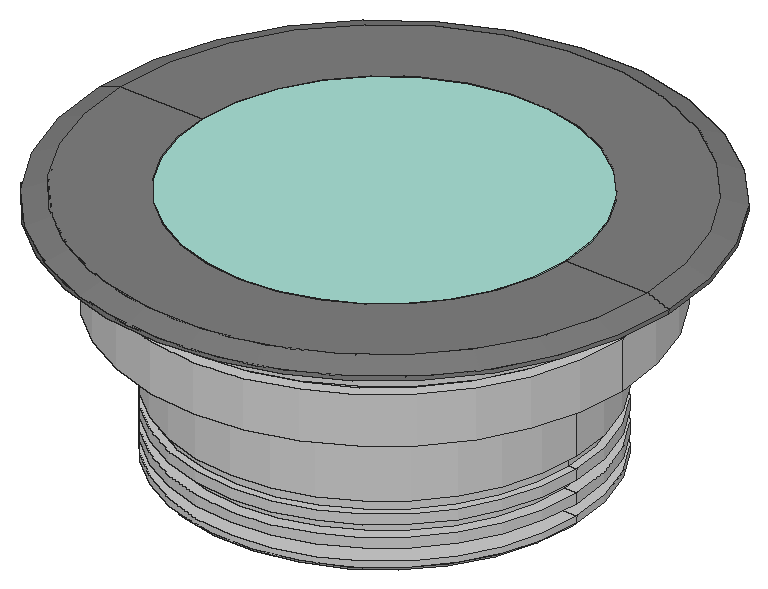
Revit family "Bright 5.F", category Lighting Fixtures, host Face, Revit 2017 (continued)
Types (16, lengths in mm): name | Wattage | Power | Photometric Web File | Optics | built-in parameter 1150142 | built-in parameter 1150105 | Lumens | built-in parameter 1150106 | Apparent Load Phase 1
    0 246.94 225.32 205.44 \r\n189.08 172.89 158.50 146.02 132.81 121.63 111.08 101.42 \r\n93.29 85.07 78.43 71.96 65.83 60.58 55.61 51.22 47.09 \r\n43.06 39.63 36.39 33.37 30.70 28.36 26.05 24.10 22.17 \r\n20.55 18.96 17.59 16.24 14.96 13.79 12.72 11.66 10.71 \r\n9.82 8.92 8.11 7.32 6.59 5.90 5.27 4.63 4.09 3.56 3.06 \r\n2.63 2.20 1.83 1.48 1.18 0.90 0.67 0.48 0.32 0.21 0.13 \r\n0.08 0.05 0.02 0.00 0.00 0.00 0.00 0.00 0.00 0.00 0.00 \r\n0.00 0.00 0.00 0.00 0.00 0.00 0.00 0.00 0.00 0.00 0.00 \r\n0.00 0.00 0.00 0.00 0.00 0.00 0.00 0.00 0.00 0.00 0.00 \r\n0.00 0.00 0.00 0.00 0.00 0.00 0.00 0.00 0.00 0.00 0.00 \r\n0.00 0.00 0.00 0.00 0.00 0.00 0.00 0.00 0.00 0.00 0.00 \r\n0.00 0.00 0.00 0.00 0.00 0.00 0.00 0.00 0.00 0.00 0.00 \r\n0.00 0.00 0.00 0.00 0.00 0.00 0.00 0.00 0.00 0.00 0.00 \r\n0.00 0.00 0.00 0.00 0.00 0.00 0.00 0.00 0.00 0.00 0.00 \r\n0.00 0.00 0.00 0.00 0.00 0.00 \r\n2995.00 2972.26 2912.57 2824.51 2705.99 2570.86 2426.79 \r\n2273.88 2126.31 1972.45 1834.78 1698.74 1562.15 1445.48 \r\n1332.39 1221.87 1124.11 1026.37 939.38 856.31 782.23 \r\n712.27 652.10 596.94 547.70 499.04 457.51 421.49 386.90 \r\n353.24 324.14 294.05 266.09 238.80 211.42 186.60 164.37 \r\n144.50 127.50 113.03 100.98 90.84 81.41 73.75 66.93 60.98 \r\n55.74 50.79 46.44 42.50 38.83 35.52 32.55 29.80 27.37 \r\n25.12 23.15 21.32 19.63 18.11 16.68 15.31 14.07 12.93 \r\n11.79 10.81 9.80 8.93 8.07 7.25 6.45 5.75 5.08 4.48 3.88 \r\n3.35 2.86 2.39 1.98 1.60 1.27 0.98 0.73 0.51 0.34 0.22 \r\n0.14 0.09 0.06 0.02 0.00 0.00 0.00 0.00 0.00 0.00 0.00 \r\n0.00 0.00 0.00 0.00 0.00 0.00 0.00 0.00 0.00 0.00 0.00 \r\n0.00 0.00 0.00 0.00 0.00 0.00 0.00 0.00 0.00 0.00 0.00 \r\n0.00 0.00 0.00 0.00 0.00 0.00 0.00 0.00 0.00 0.00 0.00 \r\n0.00 0.00 0.00 0.00 0.00 0.00 0.00 0.00 0.00 0.00 0.00 \r\n0.00 0.00 0.00 0.00 0.00 0.00 0.00 0.00 0.00 0.00 0.00 \r\n0.00 0.00 0.00 0.00 0.00 0.00 0.00 0.00 0.00 0.00 0.00 \r\n0.00 0.00 0.00 0.00 0.00 0.00 0.00 0.00 0.00 0.00 0.00 \r\n0.00 0.00 0.00 0.00 0.00 0.00 0.00 \r\n2995.00 2975.62 2924.59 2850.09 2741.94 2634.42 2512.64 \r\n2383.51 2254.43 2134.13 2024.04 1917.68 1811.60 1711.61 \r\n1619.23 1527.05 1446.02 1361.77 1282.86 1209.64 1137.35 \r\n1071.49 1011.45 953.66 903.02 850.22 804.86 761.55 715.42 \r\n670.90 627.40 576.39 521.77 464.83 400.34 345.17 287.42 \r\n240.79 199.92 166.47 140.60 121.40 104.59 92.18 81.18 \r\n72.78 65.72 59.03 53.80 49.20 44.58 40.61 37.07 33.80 \r\n31.07 28.33 25.92 23.87 21.88 20.16 18.52 16.93 15.62 \r\n14.28 13.06 11.91 10.77 9.80 8.88 8.01 7.13 6.32 5.58 \r\n4.92 4.23 3.67 3.14 2.62 2.17 1.75 1.38 1.06 0.78 0.55 \r\n0.36 0.23 0.14 0.09 0.06 0.02 0.00 0.00 0.00 0.00 0.00 \r\n0.00 0.00 0.00 0.00 0.00 0.00 0.00 0.00 0.00 0.00 0.00 \r\n0.00 0.00 0.00 0.00 0.00 0.00 0.00 0.00 0.00 0.00 0.00 \r\n0.00 0.00 0.00 0.00 0.00 0.00 0.00 0.00 0.00 0.00 0.00 \r\n0.00 0.00 0.00 0.00 0.00 0.00 0.00 0.00 0.00 0.00 0.00 \r\n0.00 0.00 0.00 0.00 0.00 0.00 0.00 0.00 0.00 0.00 0.00 \r\n0.00 0.00 0.00 0.00 0.00 0.00 0.00 0.00 0.00 0.00 0.00 \r\n0.00 0.00 0.00 0.00 0.00 0.00 0.00 0.00 0.00 0.00 0.00 \r\n0.00 0.00 0.00 0.00 0.00 0.00 0.00 0.00 0.00 \r\n2995.00 2976.82 2932.31 2864.05 2774.64 2678.18 2573.61 \r\n2471.93 2364.14 2267.25 2179.06 2097.07 2015.17 1944.17 \r\n1876.29 1812.04 1749.67 1686.33 1628.93 1574.49 1523.58 \r\n1473.50 1432.37 1392.83 1357.53 1324.41 1293.26 1264.54 \r\n1230.47 1188.99 1139.35 1070.15 990.22 881.84 773.45 \r\n649.74 534.56 427.24 338.43 267.55 212.85 169.63 139.64 \r\n117.30 101.07 88.53 78.40 70.17 63.40 57.51 52.40 47.54 \r\n43.50 39.58 36.32 33.10 30.36 27.86 25.64 23.57 21.57 \r\n19.79 18.14 16.69 15.27 13.95 12.64 11.48 10.37 9.35 8.36 \r\n7.42 6.52 5.76 5.01 4.30 3.67 3.07 2.52 2.04 1.58 1.20 \r\n0.89 0.62 0.41 0.26 0.16 0.09 0.06 0.02 0.00 0.00 0.00 \r\n0.00 0.00 0.00 0.00 0.00 0.00 0.00 0.00 0.00 0.00 0.00 \r\n0.00 0.00 0.00 0.00 0.00 0.00 0.00 0.00 0.00 0.00 0.00 \r\n0.00 0.00 0.00 0.00 0.00 0.00 0.00 0.00 0.00 0.00 0.00 \r\n0.00 0.00 0.00 0.00 0.00 0.00 0.00 0.00 0.00 0.00 0.00 \r\n0.00 0.00 0.00 0.00 0.00 0.00 0.00 0.00 0.00 0.00 0.00 \r\n0.00 0.00 0.00 0.00 0.00 0.00 0.00 0.00 0.00 0.00 0.00 \r\n0.00 0.00 0.00 0.00 0.00 0.00 0.00 0.00 0.00 0.00 0.00 \r\n0.00 0.00 0.00 0.00 0.00 0.00 0.00 0.00 0.00 0.00 0.00 \r\n2995.00 2978.95 2938.24 2877.81 2794.54 2709.85 2617.53 \r\n2523.74 2432.19 2351.12 2276.56 2213.79 2152.26 2101.93 \r\n2052.20 2008.92 1967.17 1927.50 1891.53 1856.90 1828.06 \r\n1804.52 1786.11 1771.92 1764.08 1757.51 1753.89 1748.94 \r\n1737.51 1712.94 1666.28 1597.28 1485.15 1353.05 1182.90 \r\n1007.27 820.45 659.59 505.24 391.48 295.99 229.36 177.82 \r\n145.61 121.77 105.08 92.51 82.68 74.96 67.96 62.41 56.95 \r\n52.47 47.98 44.34 40.69 37.75 34.73 32.11 29.59 27.40 \r\n25.25 23.38 21.63 19.94 18.48 16.78 15.34 13.93 12.61 \r\n11.30 10.09 8.95 7.90 6.90 5.97 5.11 4.25 3.50 2.79 2.18 \r\n1.62 1.20 0.80 0.53 0.31 0.18 0.10 0.06 0.02 0.01 0.00 \r\n0.00 0.00 0.00 0.00 0.00 0.00 0.00 0.00 0.00 0.00 0.00 \r\n0.00 0.00 0.00 0.00 0.00 0.00 0.00 0.00 0.00 0.00 0.00 \r\n0.00 0.00 0.00 0.00 0.00 0.00 0.00 0.00 0.00 0.00 0.00 \r\n0.00 0.00 0.00 0.00 0.00 0.00 0.00 0.00 0.00 0.00 0.00 \r\n0.00 0.00 0.00 0.00 0.00 0.00 0.00 0.00 0.00 0.00 0.00 \r\n0.00 0.00 0.00 0.00 0.00 0.00 0.00 0.00 0.00 0.00 0.00 \r\n0.00 0.00 0.00 0.00 0.00 0.00 0.00 0.00 0.00 0.00 0.00 \r\n0.00 0.00 0.00 0.00 0.00 0.00 0.00 0.00 0.00 0.00 0.00 \r\n0.00 \r\n2995.00 2978.84 2942.36 2882.05 2801.38 2716.91 2630.02 \r\n2545.80 2462.93 2382.07 2316.37 2260.22 2200.45 2159.24 \r\n2120.52 2080.91 2047.53 2016.79 1989.03 1962.32 1942.25 \r\n1930.15 1923.51 1920.92 1924.01 1932.59 1944.47 1955.47 \r\n1960.29 1944.40 1915.17 1836.31 1728.15 1571.62 1379.19 \r\n1171.56 970.26 762.32 581.47 437.37 331.53 256.42 196.71 \r\n157.55 132.20 112.29 99.92 88.96 80.67 73.68 67.42 62.19 \r\n57.47 52.97 49.20 45.49 42.22 39.35 36.23 33.62 31.41 \r\n29.04 27.08 25.14 23.30 21.77 19.87 18.19 16.64 15.07 \r\n13.64 12.13 10.89 9.70 8.43 7.31 6.33 5.25 4.28 3.42 2.66 \r\n2.00 1.44 0.97 0.63 0.36 0.20 0.10 0.06 0.02 0.01 0.00 \r\n0.00 0.00 0.00 0.00 0.00 0.00 0.00 0.00 0.00 0.00 0.00 \r\n0.00 0.00 0.00 0.00 0.00 0.00 0.00 0.00 0.00 0.00 0.00 \r\n0.00 0.00 0.00 0.00 0.00 0.00 0.00 0.00 0.00 0.00 0.00 \r\n0.00 0.00 0.00 0.00 0.00 0.00 0.00 0.00 0.00 0.00 0.00 \r\n0.00 0.00 0.00 0.00 0.00 0.00 0.00 0.00 0.00 0.00 0.00 \r\n0.00 0.00 0.00 0.00 0.00 0.00 0.00 0.00 0.00 0.00 0.00 \r\n0.00 0.00 0.00 0.00 0.00 0.00 0.00 0.00 0.00 0.00 0.00 \r\n0.00 0.00 0.00 0.00 0.00 0.00 0.00 0.00 0.00 0.00 0.00 \r\n0.00 \r\n2995.00 2978.95 2938.24 2877.81 2794.54 2709.85 2617.53 \r\n2523.74 2432.19 2351.12 2276.56 2213.79 2152.26 2101.93 \r\n2052.20 2008.92 1967.17 1927.50 1891.53 1856.90 1828.06 \r\n1804.52 1786.11 1771.92 1764.08 1757.51 1753.89 1748.94 \r\n1737.51 1712.94 1666.28 1597.28 1485.15 1353.05 1182.90 \r\n1007.27 820.45 659.59 505.24 391.48 295.99 229.36 177.82 \r\n145.61 121.77 105.08 92.51 82.68 74.96 67.96 62.41 56.95 \r\n52.47 47.98 44.34 40.69 37.75 34.73 32.11 29.59 27.40 \r\n25.25 23.38 21.63 19.94 18.48 16.78 15.34 13.93 12.61 \r\n11.30 10.09 8.95 7.90 6.90 5.97 5.11 4.25 3.50 2.79 2.18 \r\n1.62 1.20 0.80 0.53 0.31 0.18 0.10 0.06 0.02 0.01 0.00 \r\n0.00 0.00 0.00 0.00 0.00 0.00 0.00 0.00 0.00 0.00 0.00 \r\n0.00 0.00 0.00 0.00 0.00 0.00 0.00 0.00 0.00 0.00 0.00 \r\n0.00 0.00 0.00 0.00 0.00 0.00 0.00 0.00 0.00 0.00 0.00 \r\n0.00 0.00 0.00 0.00 0.00 0.00 0.00 0.00 0.00 0.00 0.00 \r\n0.00 0.00 0.00 0.00 0.00 0.00 0.00 0.00 0.00 0.00 0.00 \r\n0.00 0.00 0.00 0.00 0.00 0.00 0.00 0.00 0.00 0.00 0.00 \r\n0.00 0.00 0.00 0.00 0.00 0.00 0.00 0.00 0.00 0.00 0.00 \r\n0.00 0.00 0.00 0.00 0.00 0.00 0.00 0.00 0.00 0.00 0.00 \r\n0.00 \r\n2995.00 2976.82 2932.31 2864.05 2774.64 2678.18 2573.61 \r\n2471.93 2364.14 2267.25 2179.06 2097.07 2015.17 1944.17 \r\n1876.29 1812.04 1749.67 1686.33 1628.93 1574.49 1523.58 \r\n1473.50 1432.37 1392.83 1357.53 1324.41 1293.26 1264.54 \r\n1230.47 1188.99 1139.35 1070.15 990.22 881.84 773.45 \r\n649.74 534.56 427.24 338.43 267.55 212.85 169.63 139.64 \r\n117.30 101.07 88.53 78.40 70.17 63.40 57.51 52.40 47.54 \r\n43.50 39.58 36.32 33.10 30.36 27.86 25.64 23.57 21.57 \r\n19.79 18.14 16.69 15.27 13.95 12.64 11.48 10.37 9.35 8.36 \r\n7.42 6.52 5.76 5.01 4.30 3.67 3.07 2.52 2.04 1.58 1.20 \r\n0.89 0.62 0.41 0.26 0.16 0.09 0.06 0.02 0.00 0.00 0.00 \r\n0.00 0.00 0.00 0.00 0.00 0.00 0.00 0.00 0.00 0.00 0.00 \r\n0.00 0.00 0.00 0.00 0.00 0.00 0.00 0.00 0.00 0.00 0.00 \r\n0.00 0.00 0.00 0.00 0.00 0.00 0.00 0.00 0.00 0.00 0.00 \r\n0.00 0.00 0.00 0.00 0.00 0.00 0.00 0.00 0.00 0.00 0.00 \r\n0.00 0.00 0.00 0.00 0.00 0.00 0.00 0.00 0.00 0.00 0.00 \r\n0.00 0.00 0.00 0.00 0.00 0.00 0.00 0.00 0.00 0.00 0.00 \r\n0.00 0.00 0.00 0.00 0.00 0.00 0.00 0.00 0.00 0.00 0.00 \r\n0.00 0.00 0.00 0.00 0.00 0.00 0.00 0.00 0.00 0.00 0.00 \r\n2995.00 2975.62 2924.59 2850.09 2741.94 2634.42 2512.64 \r\n2383.51 2254.43 2134.13 2024.04 1917.68 1811.60 1711.61 \r\n1619.23 1527.05 1446.02 1361.77 1282.86 1209.64 1137.35 \r\n1071.49 1011.45 953.66 903.02 850.22 804.86 761.55 715.42 \r\n670.90 627.40 576.39 521.77 464.83 400.34 345.17 287.42 \r\n240.79 199.92 166.47 140.60 121.40 104.59 92.18 81.18 \r\n72.78 65.72 59.03 53.80 49.20 44.58 40.61 37.07 33.80 \r\n31.07 28.33 25.92 23.87 21.88 20.16 18.52 16.93 15.62 \r\n14.28 13.06 11.91 10.77 9.80 8.88 8.01 7.13 6.32 5.58 \r\n4.92 4.23 3.67 3.14 2.62 2.17 1.75 1.38 1.06 0.78 0.55 \r\n0.36 0.23 0.14 0.09 0.06 0.02 0.00 0.00 0.00 0.00 0.00 \r\n0.00 0.00 0.00 0.00 0.00 0.00 0.00 0.00 0.00 0.00 0.00 \r\n0.00 0.00 0.00 0.00 0.00 0.00 0.00 0.00 0.00 0.00 0.00 \r\n0.00 0.00 0.00 0.00 0.00 0.00 0.00 0.00 0.00 0.00 0.00 \r\n0.00 0.00 0.00 0.00 0.00 0.00 0.00 0.00 0.00 0.00 0.00 \r\n0.00 0.00 0.00 0.00 0.00 0.00 0.00 0.00 0.00 0.00 0.00 \r\n0.00 0.00 0.00 0.00 0.00 0.00 0.00 0.00 0.00 0.00 0.00 \r\n0.00 0.00 0.00 0.00 0.00 0.00 0.00 0.00 0.00 0.00 0.00 \r\n0.00 0.00 0.00 0.00 0.00 0.00 0.00 0.00 0.00 \r\n2995.00 2972.26 2912.57 2824.51 2705.99 2570.86 2426.79 \r\n2273.88 2126.31 1972.45 1834.78 1698.74 1562.15 1445.48 \r\n1332.39 1221.87 1124.11 1026.37 939.38 856.31 782.23 \r\n712.27 652.10 596.94 547.70 499.04 457.51 421.49 386.90 \r\n353.24 324.14 294.05 266.09 238.80 211.42 186.60 164.37 \r\n144.50 127.50 113.03 100.98 90.84 81.41 73.75 66.93 60.98 \r\n55.74 50.79 46.44 42.50 38.83 35.52 32.55 29.80 27.37 \r\n25.12 23.15 21.32 19.63 18.11 16.68 15.31 14.07 12.93 \r\n11.79 10.81 9.80 8.93 8.07 7.25 6.45 5.75 5.08 4.48 3.88 \r\n3.35 2.86 2.39 1.98 1.60 1.27 0.98 0.73 0.51 0.34 0.22 \r\n0.14 0.09 0.06 0.02 0.00 0.00 0.00 0.00 0.00 0.00 0.00 \r\n0.00 0.00 0.00 0.00 0.00 0.00 0.00 0.00 0.00 0.00 0.00 \r\n0.00 0.00 0.00 0.00 0.00 0.00 0.00 0.00 0.00 0.00 0.00 \r\n0.00 0.00 0.00 0.00 0.00 0.00 0.00 0.00 0.00 0.00 0.00 \r\n0.00 0.00 0.00 0.00 0.00 0.00 0.00 0.00 0.00 0.00 0.00 \r\n0.00 0.00 0.00 0.00 0.00 0.00 0.00 0.00 0.00 0.00 0.00 \r\n0.00 0.00 0.00 0.00 0.00 0.00 0.00 0.00 0.00 0.00 0.00 \r\n0.00 0.00 0.00 0.00 0.00 0.00 0.00 0.00 0.00 0.00 0.00 \r\n0.00 0.00 0.00 0.00 0.00 0.00 0.00 \r\n2995.00 2965.32 2897.41 2795.57 2648.44 2492.95 2322.95 \r\n2144.98 1961.90 1788.15 1620.59 1471.67 1307.87 1175.79 \r\n1054.30 937.21 834.89 740.21 654.40 583.90 515.31 459.21 \r\n410.44 366.82 330.37 297.41 270.90 246.94 225.32 205.44 \r\n189.08 172.89 158.50 146.02 132.81 121.63 111.08 101.42 \r\n93.29 85.07 78.43 71.96 65.83 60.58 55.61 51.22 47.09 \r\n43.06 39.63 36.39 33.37 30.70 28.36 26.05 24.10 22.17 \r\n20.55 18.96 17.59 16.24 14.96 13.79 12.72 11.66 10.71 \r\n9.82 8.92 8.11 7.32 6.59 5.90 5.27 4.63 4.09 3.56 3.06 \r\n2.63 2.20 1.83 1.48 1.18 0.90 0.67 0.48 0.32 0.21 0.13 \r\n0.08 0.05 0.02 0.00 0.00 0.00 0.00 0.00 0.00 0.00 0.00 \r\n0.00 0.00 0.00 0.00 0.00 0.00 0.00 0.00 0.00 0.00 0.00 \r\n0.00 0.00 0.00 0.00 0.00 0.00 0.00 0.00 0.00 0.00 0.00 \r\n0.00 0.00 0.00 0.00 0.00 0.00 0.00 0.00 0.00 0.00 0.00 \r\n0.00 0.00 0.00 0.00 0.00 0.00 0.00 0.00 0.00 0.00 0.00 \r\n0.00 0.00 0.00 0.00 0.00 0.00 0.00 0.00 0.00 0.00 0.00 \r\n0.00 0.00 0.00 0.00 0.00 0.00 0.00 0.00 0.00 0.00 0.00 \r\n0.00 0.00 0.00 0.00 0.00 0.00 0.00 0.00 0.00 0.00 0.00 \r\n0.00 0.00 0.00 0.00 0.00 0.00 \r\n2995.00 2965.58 2882.29 2764.19 2596.13 2419.95 2206.21 \r\n2007.87 1794.96 1601.90 1411.29 1239.94 1071.46 940.62 \r\n811.81 702.62 609.67 525.86 458.41 397.02 348.74 305.53 \r\n273.32 243.51 220.29 199.20 182.55 167.81 154.83 143.36 \r\n133.18 123.80 115.11 107.05 99.07 92.31 85.42 79.31 73.42 \r\n68.20 63.04 58.39 53.76 49.73 45.94 42.32 39.08 36.10 \r\n33.48 30.82 28.52 26.38 24.45 22.56 21.04 19.53 18.16 \r\n16.84 15.62 14.45 13.38 12.38 11.40 10.53 9.66 8.86 8.06 \r\n7.37 6.65 6.02 5.37 4.82 4.26 3.74 3.27 2.82 2.43 2.03 \r\n1.70 1.37 1.09 0.85 0.63 0.44 0.30 0.19 0.12 0.08 0.05 \r\n0.02 0.00 0.00 0.00 0.00 0.00 0.00 0.00 0.00 0.00 0.00 \r\n0.00 0.00 0.00 0.00 0.00 0.00 0.00 0.00 0.00 0.00 0.00 \r\n0.00 0.00 0.00 0.00 0.00 0.00 0.00 0.00 0.00 0.00 0.00 \r\n0.00 0.00 0.00 0.00 0.00 0.00 0.00 0.00 0.00 0.00 0.00 \r\n0.00 0.00 0.00 0.00 0.00 0.00 0.00 0.00 0.00 0.00 0.00 \r\n0.00 0.00 0.00 0.00 0.00 0.00 0.00 0.00 0.00 0.00 0.00 \r\n0.00 0.00 0.00 0.00 0.00 0.00 0.00 0.00 0.00 0.00 0.00 \r\n0.00 0.00 0.00 0.00 0.00 0.00 0.00 0.00 0.00 0.00 0.00 \r\n0.00 0.00 0.00 0.00 \r\n2995.00 2959.17 2866.65 2723.95 2536.88 2327.40 2097.70 \r\n1869.09 1629.47 1420.50 1218.11 1034.03 875.90 740.07 \r\n621.85 527.29 447.10 379.63 327.44 282.93 249.72 220.57 \r\n197.56 179.02 163.72 149.40 138.39 128.33 119.45 111.21 \r\n103.61 97.17 90.47 84.46 78.53 73.21 68.22 63.46 58.86 \r\n54.71 50.84 47.16 43.56 40.49 37.58 34.79 32.31 30.07 \r\n28.01 26.07 24.34 22.63 21.15 19.62 18.36 17.12 15.99 \r\n14.89 13.86 12.86 11.95 11.01 10.22 9.44 8.65 7.96 7.27 \r\n6.64 6.05 5.46 4.89 4.37 3.87 3.43 2.99 2.61 2.23 1.87 \r\n1.56 1.26 1.01 0.77 0.58 0.41 0.28 0.18 0.12 0.08 0.05 \r\n0.02 0.00 0.00 0.00 0.00 0.00 0.00 0.00 0.00 0.00 0.00 \r\n0.00 0.00 0.00 0.00 0.00 0.00 0.00 0.00 0.00 0.00 0.00 \r\n0.00 0.00 0.00 0.00 0.00 0.00 0.00 0.00 0.00 0.00 0.00 \r\n0.00 0.00 0.00 0.00 0.00 0.00 0.00 0.00 0.00 0.00 0.00 \r\n0.00 0.00 0.00 0.00 0.00 0.00 0.00 0.00 0.00 0.00 0.00 \r\n0.00 0.00 0.00 0.00 0.00 0.00 0.00 0.00 0.00 0.00 0.00 \r\n0.00 0.00 0.00 0.00 0.00 0.00 0.00 0.00 0.00 0.00 0.00 \r\n0.00 0.00 0.00 0.00 0.00 0.00 0.00 0.00 0.00 0.00 0.00 \r\n0.00 0.00 0.00 0.00 \r\n2995.00 2949.40 2845.86 2686.60 2469.40 2234.05 1978.12 \r\n1724.91 1481.56 1247.31 1044.36 874.70 701.14 586.00 \r\n487.31 403.57 340.09 288.61 247.59 218.07 193.33 172.88 \r\n157.06 143.18 131.61 121.31 112.31 104.77 97.16 90.47 \r\n84.59 78.42 73.23 68.33 63.46 59.15 54.90 51.07 47.44 \r\n44.12 41.32 38.43 35.78 33.44 31.14 29.17 27.32 25.55 \r\n23.94 22.43 21.00 19.67 18.44 17.24 16.16 15.09 14.11 \r\n13.19 12.29 11.46 10.64 9.87 9.14 8.44 7.76 7.15 6.55 \r\n5.99 5.45 4.93 4.43 3.99 3.55 3.14 2.75 2.38 2.05 1.73 \r\n1.44 1.16 0.93 0.71 0.54 0.38 0.26 0.18 0.11 0.07 0.05 \r\n0.02 0.00 0.00 0.00 0.00 0.00 0.00 0.00 0.00 0.00 0.00 \r\n0.00 0.00 0.00 0.00 0.00 0.00 0.00 0.00 0.00 0.00 0.00 \r\n0.00 0.00 0.00 0.00 0.00 0.00 0.00 0.00 0.00 0.00 0.00 \r\n0.00 0.00 0.00 0.00 0.00 0.00 0.00 0.00 0.00 0.00 0.00 \r\n0.00 0.00 0.00 0.00 0.00 0.00 0.00 0.00 0.00 0.00 0.00 \r\n0.00 0.00 0.00 0.00 0.00 0.00 0.00 0.00 0.00 0.00 0.00 \r\n0.00 0.00 0.00 0.00 0.00 0.00 0.00 0.00 0.00 0.00 0.00 \r\n0.00 0.00 0.00 0.00 0.00 0.00 0.00 0.00 0.00 0.00 0.00 \r\n0.00 0.00 0.00 0.00 \r\n2995.00 2949.50 2826.43 2644.08 2410.85 2150.34 1863.22 \r\n1597.22 1325.66 1103.23 899.81 720.97 584.04 468.39 \r\n385.14 320.39 270.31 229.97 201.44 177.68 159.47 144.03 \r\n131.30 120.31 111.03 101.77 94.43 87.44 80.96 74.92 69.39 \r\n64.58 59.74 55.61 51.61 48.10 44.69 41.67 38.95 36.48 \r\n34.13 32.04 30.04 28.21 26.52 24.95 23.40 22.05 20.71 \r\n19.45 18.32 17.18 16.15 15.15 14.21 13.32 12.49 11.65 \r\n10.92 10.16 9.48 8.76 8.14 7.56 6.94 6.41 5.89 5.39 4.92 \r\n4.45 4.01 3.61 3.21 2.85 2.49 2.18 1.87 1.58 1.31 1.07 \r\n0.84 0.66 0.50 0.36 0.25 0.17 0.11 0.07 0.05 0.02 0.00 \r\n0.00 0.00 0.00 0.00 0.00 0.00 0.00 0.00 0.00 0.00 0.00 \r\n0.00 0.00 0.00 0.00 0.00 0.00 0.00 0.00 0.00 0.00 0.00 \r\n0.00 0.00 0.00 0.00 0.00 0.00 0.00 0.00 0.00 0.00 0.00 \r\n0.00 0.00 0.00 0.00 0.00 0.00 0.00 0.00 0.00 0.00 0.00 \r\n0.00 0.00 0.00 0.00 0.00 0.00 0.00 0.00 0.00 0.00 0.00 \r\n0.00 0.00 0.00 0.00 0.00 0.00 0.00 0.00 0.00 0.00 0.00 \r\n0.00 0.00 0.00 0.00 0.00 0.00 0.00 0.00 0.00 0.00 0.00 \r\n0.00 0.00 0.00 0.00 0.00 0.00 0.00 0.00 0.00 0.00 0.00 \r\n0.00 0.00 \r\n2995.00 2939.38 2809.22 2604.99 2348.51 2067.10 1766.60 \r\n1480.29 1204.70 974.08 775.96 616.15 481.02 389.34 317.84 \r\n264.76 225.21 194.9
